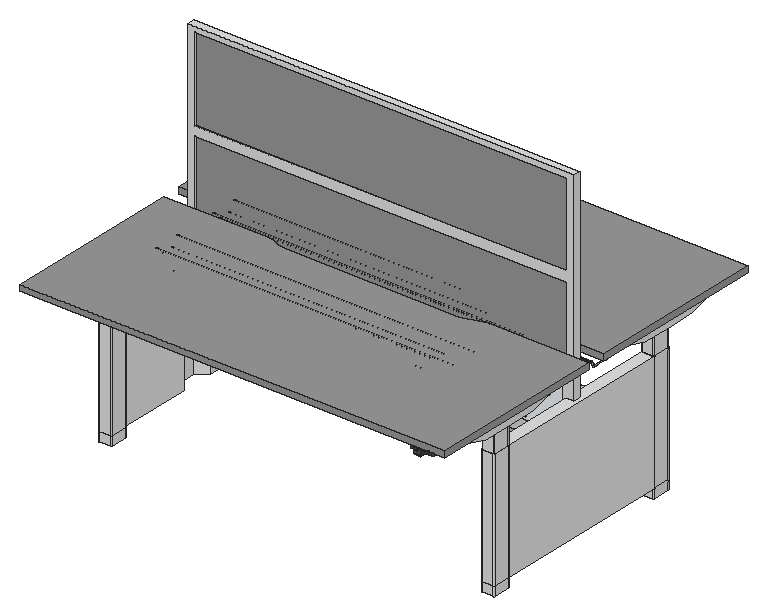
Revit family "Rise Squared Rectangular Desk A&B", category Furniture, Revit 2016 (continued)
Definition of nested family "Cable Tray"
  Automatic sketch dimensions
    Extrusion 21 sketch curve to Extrusion 21 sketch curve = 1.263 mm
    radius of Sweep 2 sketch curve = 1.5 mm
    radius of Sweep 3 sketch curve = 1.5 mm
    radius of Sweep 4 sketch curve = 1.5 mm
    radius of Sweep 5 sketch curve = 1.5 mm
    radius of Sweep 6 sketch curve = 1.5 mm
    radius of Sweep 7 sketch curve = 1.5 mm
    radius of Sweep 8 sketch curve = 1.5 mm
    radius of Sweep 9 sketch curve = 1.5 mm
    radius of Sweep 10 sketch curve = 1.5 mm
    radius of Sweep 11 sketch curve = 1.5 mm
    radius of Sweep 12 sketch curve = 1.5 mm
    radius of Sweep 13 sketch curve = 1.5 mm
    radius of Sweep 14 sketch curve = 1.5 mm
    radius of Sweep 15 sketch curve = 1.5 mm
    radius of Sweep 16 sketch curve = 1.5 mm
    radius of Sweep 17 sketch curve = 1.5 mm
    radius of Sweep 18 sketch curve = 1.5 mm
    radius of Sweep 19 sketch curve = 1.5 mm
    radius of Extrusion 1 sketch curve = 1.5 mm  (x4)
Definition of nested family "Rise Squared Leg"
  Parameters (values of type "Rise Squared Leg")
    Width = 1800 mm
    Upper Foot = none
    URL = "www.gof.co.uk"
    Type Comments = ""
    Range = "RISE SQUARED"
    Product Code = ""
    Model = ""
    Manufacturer = "Gresham Office Furniture"  # constant formula
    HeightControl [instance] = if(Height < 630 mm, 630 mm, (if(Height > 1280 mm, 1280 mm, Height)))  # 630 mm
    Height [instance] = 630 mm
    Frame = none
    Foot = none
    Assembly Code = "E2020200"
  Reference planes
    plane 1 "Center (Front/Back)": y = 200
    plane 2: z = 0
    plane 3 "Center (Left/Right)": x = 0
    plane 4: x = -900
    plane 5: x = 900
    plane 6 "Desktop": z = 630
    plane 7: y = 600
    plane 8: y = -200
    plane 9 "Foot": z = 5
    plane 10 "Desktop Underside": z = 605
    plane 11 "Max Height": z = 1280
    plane 12 "Max Desktop Underside": z = 1255
    plane 13: z = 45
  Forms (mm)
    Extrusion 1, solid, material <- "Frame"
      sketch origin (0, 0, 630) x (-1, 0, 0) y (0, -1, 0)
        loop
          line (-827.511, -240) -> (-782.511, -240)
          arc (-782.511, -240) -> (-778.976, -238.536) -> (-777.511, -235) r 5
          line (-777.511, -235) -> (-777.511, -165)
          arc (-777.511, -165) -> (-778.976, -161.464) -> (-782.511, -160) r 5
          line (-782.511, -160) -> (-827.511, -160)
          arc (-827.511, -160) -> (-831.047, -161.464) -> (-832.511, -165) r 5
          line (-832.511, -165) -> (-832.511, -235)
          arc (-832.511, -235) -> (-831.047, -238.536) -> (-827.511, -240) r 5
      from -585 to -85
    Extrusion 2, solid, material <- "Frame"
      sketch origin (0, 200, 70) x (1, 0, 0) y (0, 0, 1)
        loop
          line (842.511, 535) -> (590.86, 535) -> (590.86, 520)
          arc (590.86, 520) -> (599.647, 498.787) -> (620.86, 490) r 30
          line (620.86, 490) -> (842.511, 490) -> (842.511, 535)
      from -47.5 to 47.5
    Extrusion 3, solid, material <- "Frame"
      sketch origin (0, 200, 70) x (1, 0, 0) y (0, 0, 1)
        loop
          line (842.511, 535) -> (842.511, 525) -> (844.511, 525) -> (844.511, 533.159) -> (860.511, 533.159) -> (860.511, 482) -> (843.693, 482) -> (843.693, 485.43) -> (841.693, 485.43) -> (841.693, 480) -> (862.511, 480) -> (862.511, 535) -> (842.511, 535)
      from -275 to 275
    Extrusion 4, void
      sketch origin (870.011, 200, 1175) x (0, 0, 1) y (0, 1, 0)
        loop
          line (-625, 0) -> (-625, 125) -> (-580, 275) -> (-570, 275) -> (-570, 333.867) -> (-673.413, 333.867) -> (-673.413, 0) -> (-673.413, -333.867) -> (-570, -333.867) -> (-570, -275) -> (-580, -275) -> (-625, -125) -> (-625, 0)
      from -29.989 to 70.011
    Extrusion 5, solid, material <- "Frame"
      sketch origin (0, 0, 630) x (-1, 0, 0) y (0, -1, 0)
        loop
          line (-827.511, -238) -> (-782.511, -238)
          arc (-782.511, -238) -> (-780.39, -237.121) -> (-779.511, -235) r 3
          line (-779.511, -235) -> (-779.511, -165)
          arc (-779.511, -165) -> (-780.39, -162.879) -> (-782.511, -162) r 3
          line (-782.511, -162) -> (-827.511, -162)
          arc (-827.511, -162) -> (-829.633, -162.879) -> (-830.511, -165) r 3
          line (-830.511, -165) -> (-830.511, -235)
          arc (-830.511, -235) -> (-829.633, -237.121) -> (-827.511, -238) r 3
      from -85 to -70
    Extrusion 6, solid, material <- "Upper Foot"
      sketch origin (0, 0, 45) x (0, -1, 0) y (-1, 0, 0)
        loop
          line (-240, -782.511) -> (-240, -827.511)
          arc (-240, -827.511) -> (-238.536, -831.047) -> (-235, -832.511) r 5
          line (-235, -832.511) -> (-165, -832.511)
          arc (-165, -832.511) -> (-161.464, -831.047) -> (-160, -827.511) r 5
          line (-160, -827.511) -> (-160, -782.511)
          arc (-160, -782.511) -> (-161.464, -778.976) -> (-165, -777.511) r 5
          line (-165, -777.511) -> (-235, -777.511)
          arc (-235, -777.511) -> (-238.536, -778.976) -> (-240, -782.511) r 5
      from 0 to 40
    Extrusion 7, solid, material <- "Foot"
      sketch origin (0, 0, 0) x (1, 0, 0) y (0, 1, 0)
        loop
          circle (805.402, 199.681) r 20
      from 0 to 5
  Cuts and joins
    Extrusion 4 cuts Extrusion 3
  Dimensions and locks
    equal spacing: plane 4, plane 3 "Center (Left/Right)", plane 5
    "Width": plane 4 to plane 5
    equal spacing: plane 7, plane 1 "Center (Front/Back)", plane 8
    locked: plane 7 to plane 8 at 800
    plane 9 "Foot" to level = 5 mm  (x2)
    locked: plane 6 "Desktop" to plane 10 "Desktop Underside" at 25
    Extrusion 2 to Extrusion 2 = 95 mm
    plane 1 "Center (Front/Back)" to Extrusion 3 = 275 mm
    equal spacing: Extrusion 3, plane 1 "Center (Front/Back)", Extrusion 3
    plane 11 "Max Height" to level = 1280 mm
    locked: Extrusion 2 sketch curve to Extrusion 2 sketch curve at 45
    locked: Extrusion 4 sketch curve to Extrusion 4 sketch curve at 103.413
    "HeightControl": plane 6 "Desktop" to level
    locked: Extrusion 4 to plane 5 at 100
    locked: Extrusion 2 to plane 5 at 309.14
    locked: plane 13 to plane 9 "Foot" at 40
    locked: Extrusion 1 to plane 13 at 500
    locked: plane 11 "Max Height" to plane 12 "Max Desktop Underside" at 25
    aligned and locked: level to plane 2
    aligned and locked: Extrusion 5 to Extrusion 2
    aligned and locked: Extrusion 5 to Extrusion 1
    aligned and locked: Extrusion 4 to plane 5
    aligned and locked: Extrusion 1 to plane 13
  Automatic sketch dimensions
    plane 1 "Center (Front/Back)" to Extrusion 1 sketch curve = 35 mm
    plane 5 to Extrusion 1 sketch curve = 67.489 mm
    Extrusion 1 sketch curve to Extrusion 1 sketch curve = 5 mm  (x3)
    Extrusion 1 sketch curve to Extrusion 1 sketch curve = 45 mm  (x2)
    Extrusion 1 sketch curve to plane 1 "Center (Front/Back)" = 35 mm
    Extrusion 2 sketch curve to plane 10 "Desktop Underside" = 0 mm
    plane 3 "Center (Left/Right)" to Extrusion 2 sketch curve = 590.86 mm
    Extrusion 2 sketch curve to Extrusion 2 sketch curve = 30 mm
    plane 5 to Extrusion 2 sketch curve = 57.489 mm
    Extrusion 3 sketch curve to plane 10 "Desktop Underside" = 0 mm
    plane 5 to Extrusion 3 sketch curve = 58.307 mm
    Extrusion 3 sketch curve to plane 10 "Desktop Underside" = 10 mm
    Extrusion 3 sketch curve to Extrusion 3 sketch curve = 0.819 mm
    Extrusion 3 sketch curve to Extrusion 3 sketch curve = 2 mm  (x4)
    Extrusion 3 sketch curve to plane 10 "Desktop Underside" = 1.841 mm
    Extrusion 3 sketch curve to Extrusion 3 sketch curve = 16 mm
    Extrusion 3 sketch curve to Extrusion 3 sketch curve = 39.57 mm
    Extrusion 3 sketch curve to Extrusion 3 sketch curve = 3.43 mm
    Extrusion 4 sketch curve to plane 1 "Center (Front/Back)" = 0 mm  (x2)
    Extrusion 4 sketch curve to plane 10 "Desktop Underside" = 0 mm  (x2)
    Extrusion 4 sketch curve to plane 10 "Desktop Underside" = 55 mm
    Extrusion 4 sketch curve to plane 10 "Desktop Underside" = 10 mm  (x2)
    Extrusion 4 sketch curve to Extrusion 4 sketch curve = 125 mm
    plane 8 to Extrusion 4 sketch curve = 125 mm
    Extrusion 4 sketch curve to Extrusion 4 sketch curve = 58.867 mm
    Extrusion 4 sketch curve to plane 1 "Center (Front/Back)" = 125 mm
    Extrusion 4 sketch curve to plane 7 = 125 mm
    Extrusion 4 sketch curve to plane 7 = 66.133 mm
    plane 1 "Center (Front/Back)" to Extrusion 5 sketch curve = 35 mm
    plane 5 to Extrusion 5 sketch curve = 69.489 mm
    Extrusion 5 sketch curve to Extrusion 5 sketch curve = 3 mm  (x3)
    Extrusion 5 sketch curve to Extrusion 5 sketch curve = 45 mm  (x2)
    Extrusion 5 sketch curve to plane 1 "Center (Front/Back)" = 35 mm
    Extrusion 1 to Extrusion 6 sketch curve = 5 mm  (x3)
    Extrusion 6 sketch curve to Extrusion 1 = 0 mm  (x2)
    plane 1 "Center (Front/Back)" to Extrusion 7 sketch curve = 0.319 mm
    plane 5 to Extrusion 7 sketch curve = 94.598 mm
    radius of Extrusion 6 sketch curve to Extrusion 1 = 0 mm
    radius of Extrusion 7 sketch curve = 20 mm
Definition of nested family "Cable Trough"
  Parameters (values of type "Cable Trough")
    Width = 1800 mm
    URL = "www.gof.co.uk"
    Type Comments = ""
    Range = "RISE SQUARED"
    Product Code = ""
    Modesty Panel = ""
    Model = ""
    Manufacturer = "Gresham Office Furniture"  # constant formula
    Frame = none
    Cable Tray = ""
    Assembly Code = "E2020200"
  Reference planes
    plane 1 "Center (Front/Back)": y = 0
    plane 2: z = 0
    plane 3 "Center (Left/Right)": x = 0
    plane 4: x = -900
    plane 5: x = 900
    plane 6 "Desktop Underside": z = 702
    plane 7: y = 380
    plane 8: y = -380
    plane 9 "Foot": z = 15
    plane 10: z = 727
    plane 11: y = 460
    plane 12: y = 1220
    plane 13: x = 47.5
    plane 14: x = 585.58
    plane 15: x = 316.54
    plane 16: x = -47.5
    plane 17: x = -585.58
    plane 18: x = -316.54
    plane 19: y = 840
    plane 20: x = -511.674
    plane 21: x = -278.337
    plane 22: x = -745.011
    plane 23: x = -45
    plane 24: x = 45
    plane 25: x = 278.337
    plane 26: x = 511.674
    plane 27: x = 745.011
  Forms (mm)
    Extrusion 1, solid
      sketch origin (0, 0, 0) x (0, 1, 0) y (0, 0, 1)
        loop
          line (529.14, 380.119) -> (549.153, 454.806) -> (549.153, 495) -> (547.153, 495) -> (547.153, 455.069) -> (527.606, 382.119) -> (312.394, 382.119) -> (292.847, 455.069) -> (292.847, 495) -> (290.847, 495) -> (290.847, 454.806) -> (310.86, 380.119) -> (529.14, 380.119)
      from -790.011 to 790.011
    Extrusion 2, void
      sketch origin (0, 0, 0) x (1, 0, 0) y (0, 0, 1)
        loop
          line (795.149, 454.873) -> (735.213, 349.979) -> (817.01, 349.979) -> (817.01, 454.873) -> (795.149, 454.873)
      from -794.5 to -45.5
    Extrusion 3, void
      sketch origin (0, 0, 0) x (-1, 0, 0) y (0, 0, -1)
        loop
          line (795.149, -454.873) -> (817.01, -454.873) -> (817.01, -349.979) -> (735.213, -349.979) -> (795.149, -454.873)
      from -794.5 to -45.5
    Extrusion 4, void
      sketch origin (0, 0, 702) x (-1, 0, 0) y (0, -1, 0)
        loop
          line (-585.58, -518.86) -> (-585.58, -468.86) -> (-680.58, -468.86) -> (-680.58, -518.86) -> (-585.58, -518.86)
      from -339.353 to -303.098
    Extrusion 5, void
      sketch origin (0, 840, 702) x (-1, 0, 0) y (0, -1, 0)
        loop
          line (-585.58, 518.86) -> (-680.58, 518.86) -> (-680.58, 468.86) -> (-585.58, 468.86) -> (-585.58, 518.86)
      from -339.353 to -303.098
    Extrusion 6, void
      sketch origin (0, 840, 702) x (1, 0, 0) y (0, 1, 0)
        loop
          line (-585.58, -518.86) -> (-585.58, -468.86) -> (-680.58, -468.86) -> (-680.58, -518.86) -> (-585.58, -518.86)
      from -339.353 to -303.098
    Extrusion 7, void
      sketch origin (0, 0, 702) x (1, 0, 0) y (0, 1, 0)
        loop
          line (-585.58, 518.86) -> (-680.58, 518.86) -> (-680.58, 468.86) -> (-585.58, 468.86) -> (-585.58, 518.86)
      from -339.353 to -303.098
    Extrusion 8, void
      sketch origin (-633.08, 0, 702) x (-1, 0, 0) y (0, -1, 0)
        loop
          line (-585.58, -518.86) -> (-585.58, -468.86) -> (-680.58, -468.86) -> (-680.58, -518.86) -> (-585.58, -518.86)
      from -339.353 to -303.098
    Extrusion 9, void
      sketch origin (-633.08, 840, 702) x (-1, 0, 0) y (0, -1, 0)
        loop
          line (-585.58, 518.86) -> (-680.58, 518.86) -> (-680.58, 468.86) -> (-585.58, 468.86) -> (-585.58, 518.86)
      from -339.353 to -303.098
    Extrusion 10, void
      sketch origin (-16.54, 0, 702) x (-1, 0, 0) y (0, -1, 0)
        loop
          line (-285.58, -518.86) -> (-285.58, -468.86) -> (-380.58, -468.86) -> (-380.58, -518.86) -> (-285.58, -518.86)
      from -339.353 to -303.098
    Extrusion 11, void
      sketch origin (-349.62, 0, 702) x (-1, 0, 0) y (0, -1, 0)
        loop
          line (14.42, -518.86) -> (14.42, -468.86) -> (-80.58, -468.86) -> (-80.58, -518.86) -> (14.42, -518.86)
      from -339.353 to -303.098
    Extrusion 12, void
      sketch origin (-16.54, -147.719, 702) x (-1, 0, 0) y (0, -1, 0)
        loop
          line (-285.58, -518.86) -> (-285.58, -468.86) -> (-380.58, -468.86) -> (-380.58, -518.86) -> (-285.58, -518.86)
      from -339.353 to -303.098
    Extrusion 13, void
      sketch origin (-349.62, -147.719, 702) x (-1, 0, 0) y (0, -1, 0)
        loop
          line (14.42, -518.86) -> (14.42, -468.86) -> (-80.58, -468.86) -> (-80.58, -518.86) -> (14.42, -518.86)
      from -339.353 to -303.098
    Extrusion 14, solid
      sketch origin (0, 0, 0) x (0, 1, 0) y (0, 0, 1)
        loop
          line (549.153, 447) -> (569.153, 447) -> (569.153, 497) -> (270.847, 497) -> (270.847, 447) -> (290.847, 447) -> (290.847, 495) -> (549.153, 495) -> (549.153, 447)
      from -790.011 to 790.011
    Extrusion 15, void
      sketch origin (0, 0, 702) x (-1, 0, 0) y (0, -1, 0)
        loop
          line (790.011, -524.153) -> (790.011, -315.847) -> (745.011, -315.847) -> (745.011, -524.153) -> (790.011, -524.153)
        loop
          line (-790.011, -524.153) -> (-745.011, -524.153) -> (-745.011, -315.847) -> (-790.011, -315.847) -> (-790.011, -524.153)
        loop
          line (-45, -524.153) -> (45, -524.153) -> (45, -315.847) -> (-45, -315.847) -> (-45, -524.153)
        loop
          line (534.174, -524.153) -> (534.174, -315.847) -> (489.174, -315.847) -> (489.174, -524.153) -> (534.174, -524.153)
        loop
          line (300.837, -524.153) -> (300.837, -315.847) -> (255.837, -315.847) -> (255.837, -524.153) -> (300.837, -524.153)
        loop
          line (-534.174, -524.153) -> (-489.174, -524.153) -> (-489.174, -315.847) -> (-534.174, -315.847) -> (-534.174, -524.153)
        loop
          line (-300.837, -524.153) -> (-255.837, -524.153) -> (-255.837, -315.847) -> (-300.837, -315.847) -> (-300.837, -524.153)
      from -231.026 to -193.32
  Cuts and joins
    Extrusion 2, Extrusion 3, Extrusion 4, Extrusion 5, Extrusion 6, Extrusion 7, Extrusion 8, Extrusion 9, Extrusion 10, Extrusion 11, Extrusion 12, Extrusion 13 cuts Extrusion 1
    Extrusion 15 cuts Extrusion 14
  Dimensions and locks
    "Width": plane 4 to plane 5
    locked: plane 2 to plane 9 "Foot" at 15
    plane 10 to level = 727 mm
    plane 10 to plane 6 "Desktop Underside" = 25 mm
    locked: plane 7 to plane 8 at 760
    equal spacing: plane 7, plane 1 "Center (Front/Back)", plane 8
    locked: plane 8 to plane 12 at 1600
    locked: cut or joined group 1 (Extrusion 1, Extrusion 2, Extrusion 3, Extrusion 4, Extrusion 5, Extrusion 6, Extrusion 7, Extrusion 8, Extrusion 9, Extrusion 10, Extrusion 11, Extrusion 12, Extrusion 13) to cut or joined group 1 at 72.997  (x4)
    locked: cut or joined group 1 to plane 5 at 146.423
    locked: cut or joined group 1 to plane 5 at 109.989
    locked: plane 14 to plane 5 at 314.42
    locked: plane 15 to cut or joined group 1 at 47.5  (x2)
    equal spacing: plane 13, plane 15, plane 14
    equal spacing: plane 17, plane 18, plane 16
    locked: cut or joined group 1 to plane 18 at 47.5  (x2)
    locked: plane 4 to cut or joined group 1 at 109.989
    locked: plane 4 to plane 17 at 314.42
    plane 7 to plane 11 = 80 mm
    plane 11 to plane 12 = 760 mm
    equal spacing: plane 11, plane 19, plane 12
    equal spacing: plane 4, plane 3 "Center (Left/Right)", plane 5
    locked: plane 23 to plane 3 "Center (Left/Right)" at 45
    locked: plane 4 to plane 22 at 154.989
    equal spacing: plane 22, plane 20, plane 21, plane 23
    equal spacing: Extrusion 15 sketch curve, plane 20, Extrusion 15 sketch curve
    equal spacing: Extrusion 15 sketch curve, plane 21, Extrusion 15 sketch curve
    locked: Extrusion 14 to Extrusion 15 sketch curve at 45
    locked: Extrusion 15 sketch curve to Extrusion 15 sketch curve at 90
    locked: plane 4 to Extrusion 15 sketch curve at 109.989
    locked: plane 3 "Center (Left/Right)" to plane 24 at 45
    locked: plane 27 to plane 5 at 154.989
    equal spacing: plane 24, plane 25, plane 26, plane 27
    locked: plane 4 to cut or joined group 1 at 146.423
    locked: Extrusion 15 sketch curve to Extrusion 14 at 45
    equal spacing: Extrusion 15 sketch curve, plane 26, Extrusion 15 sketch curve
    equal spacing: Extrusion 15 sketch curve, plane 25, Extrusion 15 sketch curve
    locked: Extrusion 15 sketch curve to plane 5 at 109.989
    aligned and locked: level to plane 2
    aligned and locked: Extrusion 4 to Extrusion 10
    aligned and locked: cut or joined group 1 to Extrusion 14
    aligned and locked: Extrusion 14 to cut or joined group 1
  Automatic sketch dimensions
    Extrusion 1 sketch curve to plane 7 = 89.153 mm
    Extrusion 1 sketch curve to Extrusion 1 sketch curve = 2 mm  (x3)
    Extrusion 1 sketch curve to plane 7 = 69.14 mm
    Extrusion 1 sketch curve to Extrusion 1 sketch curve = 1.535 mm  (x2)
    Extrusion 1 sketch curve to plane 11 = 67.606 mm
    Extrusion 1 sketch curve to plane 11 = 87.153 mm
    Extrusion 1 sketch curve to plane 6 "Desktop Underside" = 321.881 mm
    Extrusion 1 sketch curve to Extrusion 1 sketch curve = 72.687 mm  (x2)
    Extrusion 1 sketch curve to Extrusion 1 sketch curve = 0.263 mm  (x2)
    Extrusion 1 sketch curve to Extrusion 1 sketch curve = 39.931 mm  (x2)
    Extrusion 2 sketch curve to plane 14 = 149.633 mm
    plane 5 to Extrusion 2 sketch curve = 104.851 mm
    Extrusion 2 sketch curve to Extrusion 2 sketch curve = 21.861 mm
    plane 9 "Foot" to Extrusion 2 sketch curve = 334.979 mm
    Extrusion 2 sketch curve to Extrusion 2 sketch curve = 104.894 mm
    Extrusion 3 sketch curve to plane 17 = 149.633 mm
    Extrusion 3 sketch curve to plane 4 = 104.851 mm
    Extrusion 3 sketch curve to Extrusion 3 sketch curve = 21.861 mm
    Extrusion 3 sketch curve to plane 9 "Foot" = 334.979 mm
    Extrusion 3 sketch curve to Extrusion 3 sketch curve = 104.894 mm
    Extrusion 4 sketch curve to plane 14 = 0 mm
    Extrusion 4 sketch curve to plane 11 = 8.86 mm
    Extrusion 4 sketch curve to Extrusion 4 sketch curve = 95 mm
    Extrusion 4 sketch curve to Extrusion 4 sketch curve = 50 mm
    Extrusion 5 sketch curve to plane 14 = 0 mm
    plane 7 to Extrusion 5 sketch curve = 8.86 mm
    Extrusion 5 sketch curve to Extrusion 5 sketch curve = 95 mm
    Extrusion 5 sketch curve to Extrusion 5 sketch curve = 50 mm
    Extrusion 6 sketch curve to plane 17 = 0 mm
    Extrusion 6 sketch curve to plane 7 = 8.86 mm
    Extrusion 6 sketch curve to Extrusion 6 sketch curve = 95 mm
    Extrusion 6 sketch curve to Extrusion 6 sketch curve = 50 mm
    Extrusion 7 sketch curve to plane 17 = 0 mm
    plane 11 to Extrusion 7 sketch curve = 8.86 mm
    Extrusion 7 sketch curve to Extrusion 7 sketch curve = 95 mm
    Extrusion 7 sketch curve to Extrusion 7 sketch curve = 50 mm
    Extrusion 8 sketch curve to plane 13 = 0 mm
    Extrusion 8 sketch curve to plane 16 = 0 mm
    Extrusion 8 sketch curve to plane 11 = 58.86 mm
    Extrusion 8 sketch curve to plane 11 = 8.86 mm
    Extrusion 9 sketch curve to plane 13 = 0 mm
    Extrusion 9 sketch curve to plane 16 = 0 mm
    plane 7 to Extrusion 9 sketch curve = 58.86 mm
    plane 7 to Extrusion 9 sketch curve = 8.86 mm
    Extrusion 10 sketch curve to plane 15 = 47.5 mm
    Extrusion 10 sketch curve to plane 11 = 8.86 mm
    plane 15 to Extrusion 10 sketch curve = 47.5 mm
    Extrusion 10 sketch curve to Extrusion 10 sketch curve = 50 mm
    Extrusion 11 sketch curve to plane 18 = 47.5 mm
    Extrusion 11 sketch curve to plane 11 = 8.86 mm
    plane 18 to Extrusion 11 sketch curve = 47.5 mm
    Extrusion 11 sketch curve to Extrusion 11 sketch curve = 50 mm
    Extrusion 12 sketch curve to plane 7 = 8.86 mm
    Extrusion 12 sketch curve to plane 15 = 47.5 mm
    plane 15 to Extrusion 12 sketch curve = 47.5 mm
    Extrusion 12 sketch curve to Extrusion 12 sketch curve = 50 mm
    Extrusion 13 sketch curve to plane 7 = 8.86 mm
    Extrusion 13 sketch curve to plane 18 = 47.5 mm
    plane 18 to Extrusion 13 sketch curve = 47.5 mm
    Extrusion 13 sketch curve to Extrusion 13 sketch curve = 50 mm
    Extrusion 14 sketch curve to Extrusion 14 sketch curve = 20 mm  (x2)
    Extrusion 14 sketch curve to plane 6 "Desktop Underside" = 255 mm  (x2)
    Extrusion 14 sketch curve to Extrusion 14 sketch curve = 2 mm
    Extrusion 14 sketch curve to Extrusion 14 sketch curve = 48 mm
    Extrusion 14 sketch curve to plane 11 = 89.153 mm
    Extrusion 14 sketch curve to plane 7 = 89.153 mm
    Extrusion 15 sketch curve to plane 24 = 0 mm
    plane 21 to Extrusion 15 sketch curve = 22.5 mm
    Extrusion 15 sketch curve to plane 20 = 22.5 mm
    Extrusion 15 sketch curve to plane 11 = 64.153 mm  (x7)
    Extrusion 15 sketch curve to plane 7 = 64.153 mm  (x7)
    Extrusion 15 sketch curve to plane 26 = 22.5 mm
    plane 15 to Extrusion 15 sketch curve = 15.703 mm
Definition of nested family "Endframe Infill Panel"
  Parameters (values of type "Endframe Infill Panel")
    Width = 1800 mm
    URL = "www.gof.co.uk"
    Type Comments = ""
    Range = "RISE SQUARED"
    Product Code = ""
    Endframe Infill Panel Visible [instance] = yes
    Endframe Infill Panel = ""
    Model = ""
    Manufacturer = "Gresham Office Furniture"  # constant formula
    Frame = none
    Cable Tray = ""
    Assembly Code = "E2020200"
  Reference planes
    plane 1 "Center (Front/Back)": y = 0
    plane 2: z = 0
    plane 3 "Center (Left/Right)": x = 0
    plane 4: x = -900
    plane 5: x = 900
    plane 6 "Desktop Underside": z = 702
    plane 7: y = 380
    plane 8: y = -380
    plane 9 "Foot": z = 15
    plane 10: z = 727
    plane 11: y = 460
    plane 12: y = 1220
  Forms (mm)
    Extrusion 1, solid, material <- "Frame", visible <- "Endframe Infill Panel Visible"
      sketch origin (0, 0, 702) x (-1, 0, 0) y (0, -1, 0)
        loop
          line (-837.924, -799.735) -> (-787.924, -799.735) -> (-787.924, -39.735) -> (-837.924, -39.735) -> (-837.924, -799.735)
      from -657 to -157
    Extrusion 2, void
      sketch origin (0, 0, 0) x (0, 1, 0) y (0, 0, 1)
        loop
          line (594.735, 495) -> (244.735, 495) -> (244.735, 445) -> (264.146, 372.556) -> (575.323, 372.556) -> (594.735, 445) -> (594.735, 495)
      from 787.924 to 830.011
    Extrusion 3, void
      sketch origin (0, 0, 702) x (-1, 0, 0) y (0, -1, 0)
        loop
          line (-787.924, -491.928) -> (-787.924, -347.542) -> (-830.011, -389.629) -> (-830.011, -449.84) -> (-787.924, -491.928)
      from -657 to -329.444
  Cuts and joins
    Extrusion 2, Extrusion 3 cuts Extrusion 1
  Dimensions and locks
    equal spacing: plane 4, plane 3 "Center (Left/Right)", plane 5
    "Width": plane 4 to plane 5
    locked: plane 2 to plane 9 "Foot" at 15
    plane 10 to level = 727 mm
    plane 10 to plane 6 "Desktop Underside" = 25 mm
    locked: plane 7 to plane 8 at 760
    equal spacing: plane 7, plane 1 "Center (Front/Back)", plane 8
    plane 8 to plane 12 = 1600 mm
    aligned and locked: level to plane 2
  Automatic sketch dimensions
    Extrusion 1 sketch curve to Extrusion 1 sketch curve = 50 mm
    Extrusion 1 sketch curve to plane 11 = 339.735 mm
    Extrusion 1 sketch curve to plane 1 "Center (Front/Back)" = 39.735 mm
    Extrusion 2 sketch curve to plane 7 = 135.265 mm
    Extrusion 2 sketch curve to Extrusion 2 sketch curve = 19.411 mm  (x2)
    Extrusion 2 sketch curve to plane 11 = 115.323 mm
    Extrusion 2 sketch curve to plane 6 "Desktop Underside" = 329.444 mm
    Extrusion 2 sketch curve to Extrusion 2 sketch curve = 72.444 mm  (x2)
    Extrusion 2 sketch curve to Extrusion 2 sketch curve = 50 mm
    Extrusion 3 sketch curve to plane 11 = 31.928 mm
    plane 11 to Extrusion 3 sketch curve = 10.16 mm
    plane 7 to Extrusion 3 sketch curve = 9.629 mm
    Extrusion 3 sketch curve to plane 7 = 32.458 mm
    plane 5 to Extrusion 1 sketch curve = 62.076 mm
    plane 5 to Extrusion 3 sketch curve = 69.989 mm
    Extrusion 3 sketch curve to Extrusion 3 sketch curve = 42.088 mm
  Nested families
    nested 1: "Cable Tray" at (0, -20, 0), type "Cable Tray"
      with HeightControl 727 mm, Height 727 mm, Cable Tray no
  Definition of nested family "Cable Tray"
    Parameters (values of type "Cable Tray")
      Width = 1800 mm
      URL = "www.gof.co.uk"
      Type Comments = ""
      Range = "RISE LT"
      Product Code = ""
      Modesty Panel = none
      HeightControl [instance] = if(Height < 720 mm, 720 mm, (if(Height > 1200 mm, 1200 mm, Height)))  # 727 mm
      Height [instance] = 727 mm
      Desktop = none
      Model = ""
      Manufacturer = "Gresham Office Furniture"  # constant formula
      Frame = none
      Foot = none
      Cable Tray Clips = none
      Cable Tray = yes
      Assembly Code = "E2020200"
    Reference planes
      plane 1 "Center (Front/Back)": y = 0
      plane 2: z = 0
      plane 3 "Center (Left/Right)": x = 0
      plane 4: x = -900
      plane 5: x = 900
      plane 6 "Desktop Underside": z = 702
      plane 7: y = 400
      plane 8: y = -400
      plane 9 "Foot": z = 15
      plane 10: z = 727
      plane 11 "Cable Tray Left": x = -800
      plane 12 "Cable Tray Right": x = 800
    Forms (mm)
      Extrusion 1, solid, material <- "Frame", visible <- "Cable Tray"
        sketch origin (0, 12.089, -4.885) x (0, 1, 0) y (0, 0, 1)
          loop
            circle (301.911, 615.385) r 1.5
          loop
            circle (251.911, 615.385) r 1.5
          loop
            circle (220.911, 645.385) r 1.5
          loop
            circle (332.911, 645.385) r 1.5
        from -800 to 800
      Sweep 2, solid, material <- "Frame", visible <- "Cable Tray"
        path in 3D
          loop
            line (0, 341.76, 640.5) -> (0, 333.661, 615.573)
            arc (0, 333.661, 615.573) -> (0, 332.571, 614.073) -> (0, 330.808, 613.5) r 3
            line (0, 330.808, 613.5) -> (0, 247.192, 613.5)
            arc (0, 247.192, 613.5) -> (0, 245.429, 614.073) -> (0, 244.339, 615.573) r 3
            line (0, 244.339, 615.573) -> (0, 236.24, 640.5)
        profile origin (0, 289, 613.5) x (0, 0, 1) y (-1, 0, 0)
          loop
            circle (0, 0) r 1.5
      Sweep 3, solid, material <- "Frame", visible <- "Cable Tray", not visible
        path in 3D
          loop
            line (0, 329.671, 645.385) -> (0, 321.572, 620.458)
            arc (0, 321.572, 620.458) -> (0, 320.482, 618.958) -> (0, 318.719, 618.385) r 3
            line (0, 318.719, 618.385) -> (0, 235.103, 618.385)
            arc (0, 235.103, 618.385) -> (0, 233.34, 618.958) -> (0, 232.25, 620.458) r 3
            line (0, 232.25, 620.458) -> (0, 224.151, 645.385)
        profile origin (0, 276.911, 618.385) x (0, 0, 1) y (-1, 0, 0)
          loop
            circle (0, 0) r 1.5
      Sweep 4, solid, material <- "Frame", visible <- "Cable Tray"
        path in 3D
          loop
            line (800, 342.073, 640.5) -> (800, 333.974, 615.573)
            arc (800, 333.974, 615.573) -> (800, 332.884, 614.073) -> (800, 331.121, 613.5) r 3
            line (800, 331.121, 613.5) -> (800, 247.505, 613.5)
            arc (800, 247.505, 613.5) -> (800, 245.742, 614.073) -> (800, 244.652, 615.573) r 3
            line (800, 244.652, 615.573) -> (800, 236.553, 640.5)
        profile origin (800, 289.313, 613.5) x (0, 0, 1) y (-1, 0, 0)
          loop
            circle (0, 0) r 1.5
      Sweep 5, solid, material <- "Frame", visible <- "Cable Tray"
        path in 3D
          loop
            line (-800, 342.073, 640.5) -> (-800, 333.974, 615.573)
            arc (-800, 333.974, 615.573) -> (-800, 332.884, 614.073) -> (-800, 331.121, 613.5) r 3
            line (-800, 331.121, 613.5) -> (-800, 247.505, 613.5)
            arc (-800, 247.505, 613.5) -> (-800, 245.742, 614.073) -> (-800, 244.652, 615.573) r 3
            line (-800, 244.652, 615.573) -> (-800, 236.553, 640.5)
        profile origin (-800, 289.313, 613.5) x (0, 0, 1) y (-1, 0, 0)
          loop
            circle (0, 0) r 1.5
      Sweep 6, solid, material <- "Frame", visible <- "Cable Tray"
        path in 3D
          loop
            line (100, 341.76, 640.5) -> (100, 333.661, 615.573)
            arc (100, 333.661, 615.573) -> (100, 332.571, 614.073) -> (100, 330.808, 613.5) r 3
            line (100, 330.808, 613.5) -> (100, 247.192, 613.5)
            arc (100, 247.192, 613.5) -> (100, 245.429, 614.073) -> (100, 244.339, 615.573) r 3
            line (100, 244.339, 615.573) -> (100, 236.24, 640.5)
        profile origin (100, 289, 613.5) x (0, 0, 1) y (-1, 0, 0)
          loop
            circle (0, 0) r 1.5
      Sweep 7, solid, material <- "Frame", visible <- "Cable Tray"
        path in 3D
          loop
            line (300, 341.76, 640.5) -> (300, 333.661, 615.573)
            arc (300, 333.661, 615.573) -> (300, 332.571, 614.073) -> (300, 330.808, 613.5) r 3
            line (300, 330.808, 613.5) -> (300, 247.192, 613.5)
            arc (300, 247.192, 613.5) -> (300, 245.429, 614.073) -> (300, 244.339, 615.573) r 3
            line (300, 244.339, 615.573) -> (300, 236.24, 640.5)
        profile origin (300, 289, 613.5) x (0, 0, 1) y (-1, 0, 0)
          loop
            circle (0, 0) r 1.5
      Sweep 8, solid, material <- "Frame", visible <- "Cable Tray"
        path in 3D
          loop
            line (400, 341.76, 640.5) -> (400, 333.661, 615.573)
            arc (400, 333.661, 615.573) -> (400, 332.571, 614.073) -> (400, 330.808, 613.5) r 3
            line (400, 330.808, 613.5) -> (400, 247.192, 613.5)
            arc (400, 247.192, 613.5) -> (400, 245.429, 614.073) -> (400, 244.339, 615.573) r 3
            line (400, 244.339, 615.573) -> (400, 236.24, 640.5)
        profile origin (400, 289, 613.5) x (0, 0, 1) y (-1, 0, 0)
          loop
            circle (0, 0) r 1.5
      Sweep 9, solid, material <- "Frame", visible <- "Cable Tray"
        path in 3D
          loop
            line (500, 341.76, 640.5) -> (500, 333.661, 615.573)
            arc (500, 333.661, 615.573) -> (500, 332.571, 614.073) -> (500, 330.808, 613.5) r 3
            line (500, 330.808, 613.5) -> (500, 247.192, 613.5)
            arc (500, 247.192, 613.5) -> (500, 245.429, 614.073) -> (500, 244.339, 615.573) r 3
            line (500, 244.339, 615.573) -> (500, 236.24, 640.5)
        profile origin (500, 289, 613.5) x (0, 0, 1) y (-1, 0, 0)
          loop
            circle (0, 0) r 1.5
      Sweep 10, solid, material <- "Frame", visible <- "Cable Tray"
        path in 3D
          loop
            line (600, 341.76, 640.5) -> (600, 333.661, 615.573)
            arc (600, 333.661, 615.573) -> (600, 332.571, 614.073) -> (600, 330.808, 613.5) r 3
            line (600, 330.808, 613.5) -> (600, 247.192, 613.5)
            arc (600, 247.192, 613.5) -> (600, 245.429, 614.073) -> (600, 244.339, 615.573) r 3
            line (600, 244.339, 615.573) -> (600, 236.24, 640.5)
        profile origin (600, 289, 613.5) x (0, 0, 1) y (-1, 0, 0)
          loop
            circle (0, 0) r 1.5
      Sweep 11, solid, material <- "Frame", visible <- "Cable Tray"
        path in 3D
          loop
            line (700, 341.76, 640.5) -> (700, 333.661, 615.573)
            arc (700, 333.661, 615.573) -> (700, 332.571, 614.073) -> (700, 330.808, 613.5) r 3
            line (700, 330.808, 613.5) -> (700, 247.192, 613.5)
            arc (700, 247.192, 613.5) -> (700, 245.429, 614.073) -> (700, 244.339, 615.573) r 3
            line (700, 244.339, 615.573) -> (700, 236.24, 640.5)
        profile origin (700, 289, 613.5) x (0, 0, 1) y (-1, 0, 0)
          loop
            circle (0, 0) r 1.5
      Sweep 12, solid, material <- "Frame", visible <- "Cable Tray"
        path in 3D
          loop
            line (200, 341.76, 640.5) -> (200, 333.661, 615.573)
            arc (200, 333.661, 615.573) -> (200, 332.571, 614.073) -> (200, 330.808, 613.5) r 3
            line (200, 330.808, 613.5) -> (200, 247.192, 613.5)
            arc (200, 247.192, 613.5) -> (200, 245.429, 614.073) -> (200, 244.339, 615.573) r 3
            line (200, 244.339, 615.573) -> (200, 236.24, 640.5)
        profile origin (200, 289, 613.5) x (0, 0, 1) y (-1, 0, 0)
          loop
            circle (0, 0) r 1.5
      Sweep 13, solid, material <- "Frame", visible <- "Cable Tray"
        path in 3D
          loop
            line (-100, 341.76, 640.5) -> (-100, 333.661, 615.573)
            arc (-100, 333.661, 615.573) -> (-100, 332.571, 614.073) -> (-100, 330.808, 613.5) r 3
            line (-100, 330.808, 613.5) -> (-100, 247.192, 613.5)
            arc (-100, 247.192, 613.5) -> (-100, 245.429, 614.073) -> (-100, 244.339, 615.573) r 3
            line (-100, 244.339, 615.573) -> (-100, 236.24, 640.5)
        profile origin (-100, 289, 613.5) x (0, 0, 1) y (-1, 0, 0)
          loop
            circle (0, 0) r 1.5
      Sweep 14, solid, material <- "Frame", visible <- "Cable Tray"
        path in 3D
          loop
            line (-300, 341.76, 640.5) -> (-300, 333.661, 615.573)
            arc (-300, 333.661, 615.573) -> (-300, 332.571, 614.073) -> (-300, 330.808, 613.5) r 3
            line (-300, 330.808, 613.5) -> (-300, 247.192, 613.5)
            arc (-300, 247.192, 613.5) -> (-300, 245.429, 614.073) -> (-300, 244.339, 615.573) r 3
            line (-300, 244.339, 615.573) -> (-300, 236.24, 640.5)
        profile origin (-300, 289, 613.5) x (0, 0, 1) y (-1, 0, 0)
          loop
            circle (0, 0) r 1.5
      Sweep 15, solid, material <- "Frame", visible <- "Cable Tray"
        path in 3D
          loop
            line (-400, 341.76, 640.5) -> (-400, 333.661, 615.573)
            arc (-400, 333.661, 615.573) -> (-400, 332.571, 614.073) -> (-400, 330.808, 613.5) r 3
            line (-400, 330.808, 613.5) -> (-400, 247.192, 613.5)
            arc (-400, 247.192, 613.5) -> (-400, 245.429, 614.073) -> (-400, 244.339, 615.573) r 3
            line (-400, 244.339, 615.573) -> (-400, 236.24, 640.5)
        profile origin (-400, 289, 613.5) x (0, 0, 1) y (-1, 0, 0)
          loop
            circle (0, 0) r 1.5
      Sweep 16, solid, material <- "Frame", visible <- "Cable Tray"
        path in 3D
          loop
            line (-500, 341.76, 640.5) -> (-500, 333.661, 615.573)
            arc (-500, 333.661, 615.573) -> (-500, 332.571, 614.073) -> (-500, 330.808, 613.5) r 3
            line (-500, 330.808, 613.5) -> (-500, 247.192, 613.5)
            arc (-500, 247.192, 613.5) -> (-500, 245.429, 614.073) -> (-500, 244.339, 615.573) r 3
            line (-500, 244.339, 615.573) -> (-500, 236.24, 640.5)
        profile origin (-500, 289, 613.5) x (0, 0, 1) y (-1, 0, 0)
          loop
            circle (0, 0) r 1.5
      Sweep 17, solid, material <- "Frame", visible <- "Cable Tray"
        path in 3D
          loop
            line (-600, 341.76, 640.5) -> (-600, 333.661, 615.573)
            arc (-600, 333.661, 615.573) -> (-600, 332.571, 614.073) -> (-600, 330.808, 613.5) r 3
            line (-600, 330.808, 613.5) -> (-600, 247.192, 613.5)
            arc (-600, 247.192, 613.5) -> (-600, 245.429, 614.073) -> (-600, 244.339, 615.573) r 3
            line (-600, 244.339, 615.573) -> (-600, 236.24, 640.5)
        profile origin (-600, 289, 613.5) x (0, 0, 1) y (-1, 0, 0)
          loop
            circle (0, 0) r 1.5
      Sweep 18, solid, material <- "Frame", visible <- "Cable Tray"
        path in 3D
          loop
            line (-700, 341.76, 640.5) -> (-700, 333.661, 615.573)
            arc (-700, 333.661, 615.573) -> (-700, 332.571, 614.073) -> (-700, 330.808, 613.5) r 3
            line (-700, 330.808, 613.5) -> (-700, 247.192, 613.5)
            arc (-700, 247.192, 613.5) -> (-700, 245.429, 614.073) -> (-700, 244.339, 615.573) r 3
            line (-700, 244.339, 615.573) -> (-700, 236.24, 640.5)
        profile origin (-700, 289, 613.5) x (0, 0, 1) y (-1, 0, 0)
          loop
            circle (0, 0) r 1.5
      Sweep 19, solid, material <- "Frame", visible <- "Cable Tray"
        path in 3D
          loop
            line (-200, 341.76, 640.5) -> (-200, 333.661, 615.573)
            arc (-200, 333.661, 615.573) -> (-200, 332.571, 614.073) -> (-200, 330.808, 613.5) r 3
            line (-200, 330.808, 613.5) -> (-200, 247.192, 613.5)
            arc (-200, 247.192, 613.5) -> (-200, 245.429, 614.073) -> (-200, 244.339, 615.573) r 3
            line (-200, 244.339, 615.573) -> (-200, 236.24, 640.5)
        profile origin (-200, 289, 613.5) x (0, 0, 1) y (-1, 0, 0)
          loop
            circle (0, 0) r 1.5
      Extrusion 20, solid, material <- "Cable Tray Clips", visible <- "Cable Tray"
        sketch origin (615, 0, 0) x (0, 1, 0) y (0, 0, 1)
          loop
            arc (346.5, 640.5) -> (345, 639) -> (343.5, 640.5) r 1.5
            line (343.5, 640.5) -> (343.5, 645.926) -> (340.5, 645.926) -> (340.5, 640.5)
            arc (340.5, 640.5) -> (345, 636) -> (349.5, 640.5) r 4.5
            line (349.5, 640.5) -> (349.5, 677.5)
            arc (349.5, 677.5) -> (348.692, 680.415) -> (346.5, 682.5) r 5.667
            arc (346.5, 682.5) -> (322.774, 690.464) -> (297.984, 693.899) r 134.615
            line (297.984, 693.899) -> (297.984, 697) -> (303.984, 697) -> (303.984, 702) -> (279.984, 702) -> (279.984, 697) -> (285.984, 697) -> (285.984, 693.899)
            arc (285.984, 693.899) -> (261.193, 690.464) -> (237.467, 682.5) r 134.615
            arc (237.467, 682.5) -> (235.275, 680.415) -> (234.435, 677.5) r 5.667
            line (234.435, 677.5) -> (234.435, 670.5)
            arc (234.435, 670.5) -> (232.935, 669) -> (231.435, 670.5) r 1.5
            line (231.435, 670.5) -> (231.435, 675.5) -> (228.435, 675.5) -> (228.435, 670.5)
            arc (228.435, 670.5) -> (230.365, 666.806) -> (234.5, 666.281) r 4.5
            line (234.5, 666.281) -> (234.5, 640.5)
            arc (234.5, 640.5) -> (233, 639) -> (231.5, 640.5) r 1.5
            line (231.5, 640.5) -> (231.5, 645.5) -> (228.5, 645.5) -> (228.5, 640.5)
            arc (228.5, 640.5) -> (233, 636) -> (237.5, 640.5) r 4.5
            line (237.5, 640.5) -> (237.5, 677.793)
            arc (237.5, 677.793) -> (237.882, 679.174) -> (238.92, 680.161) r 2.683
            arc (238.92, 680.161) -> (291.984, 691.033) -> (345.047, 680.161) r 134.926
            arc (345.047, 680.161) -> (346.085, 679.174) -> (346.467, 677.793) r 2.683
            line (346.467, 677.793) -> (346.467, 670.5)
            arc (346.467, 670.5) -> (344.951, 668.984) -> (343.435, 670.5) r 1.516
            line (343.435, 670.5) -> (343.435, 675.5) -> (340.435, 675.5) -> (340.435, 670.5)
            arc (340.435, 670.5) -> (342.365, 666.806) -> (346.5, 666.281) r 4.5
            line (346.5, 666.281) -> (346.5, 640.5)
        from 0 to 25
      Extrusion 21, solid, material <- "Cable Tray Clips", visible <- "Cable Tray"
        sketch origin (-615, 0, 0) x (0, 1, 0) y (0, 0, -1)
          loop
            line (346.5, -640.5) -> (346.5, -666.281)
            arc (346.5, -666.281) -> (342.365, -666.806) -> (340.435, -670.5) r 4.5
            line (340.435, -670.5) -> (340.435, -675.5) -> (343.435, -675.5) -> (343.435, -670.5)
            arc (343.435, -670.5) -> (344.951, -668.984) -> (346.467, -670.5) r 1.516
            line (346.467, -670.5) -> (346.467, -677.793)
            arc (346.467, -677.793) -> (346.085, -679.174) -> (345.047, -680.161) r 2.683
            arc (345.047, -680.161) -> (291.984, -691.033) -> (238.92, -680.161) r 134.926
            arc (238.92, -680.161) -> (237.882, -679.174) -> (237.5, -677.793) r 2.683
            line (237.5, -677.793) -> (237.5, -640.5)
            arc (237.5, -640.5) -> (233, -636) -> (228.5, -640.5) r 4.5
            line (228.5, -640.5) -> (228.5, -645.5) -> (231.5, -645.5) -> (231.5, -640.5)
            arc (231.5, -640.5) -> (233, -639) -> (234.5, -640.5) r 1.5
            line (234.5, -640.5) -> (234.5, -666.281)
            arc (234.5, -666.281) -> (230.365, -666.806) -> (228.435, -670.5) r 4.5
            line (228.435, -670.5) -> (228.435, -675.5) -> (231.435, -675.5) -> (231.435, -670.5)
            arc (231.435, -670.5) -> (232.935, -669) -> (234.435, -670.5) r 1.5
            line (234.435, -670.5) -> (234.435, -677.5)
            arc (234.435, -677.5) -> (235.275, -680.415) -> (237.467, -682.5) r 5.667
            arc (237.467, -682.5) -> (261.193, -690.464) -> (285.984, -693.899) r 134.615
            line (285.984, -693.899) -> (285.984, -697) -> (279.984, -697) -> (279.984, -702) -> (303.984, -702) -> (303.984, -697) -> (297.984, -697) -> (297.984, -693.899)
            arc (297.984, -693.899) -> (322.774, -690.464) -> (346.5, -682.5) r 134.615
            arc (346.5, -682.5) -> (348.692, -680.415) -> (349.5, -677.5) r 5.667
            line (349.5, -677.5) -> (349.5, -640.5)
            arc (349.5, -640.5) -> (345, -636) -> (340.5, -640.5) r 4.5
            line (340.5, -640.5) -> (340.5, -645.926) -> (343.5, -645.926) -> (343.5, -640.5)
            arc (343.5, -640.5) -> (345, -639) -> (346.5, -640.5) r 1.5
        from 0 to 25
    Lines and regions (mm)
      model lines, not visible
        curve 1: arc (0, 315.5, 610.5) -> (0, 314, 612) -> (0, 312.5, 610.5) r 1.5
        curve 2: arc (0, 265.5, 610.5) -> (0, 264, 612) -> (0, 262.5, 610.5) r 1.5
        curve 3: line (0, 330.808, 613.5) -> (0, 247.192, 613.5)
        curve 4: line (0, 244.339, 615.573) -> (0, 236.24, 640.5)
        curve 5: arc (0, 247.192, 613.5) -> (0, 245.429, 614.073) -> (0, 244.339, 615.573) r 3
        curve 6: line (0, 333.661, 615.573) -> (0, 341.76, 640.5)
        curve 7: arc (0, 330.808, 613.5) -> (0, 332.571, 614.073) -> (0, 333.661, 615.573) r 3
        curve 13: arc (0, 303.411, 615.385) -> (0, 301.911, 616.885) -> (0, 300.411, 615.385) r 1.5
        curve 14: arc (0, 253.411, 615.385) -> (0, 251.911, 616.885) -> (0, 250.411, 615.385) r 1.5
        curve 15: line (0, 318.719, 618.385) -> (0, 235.103, 618.385)
        curve 16: line (0, 232.25, 620.458) -> (0, 224.151, 645.385)
        curve 17: arc (0, 235.103, 618.385) -> (0, 233.34, 618.958) -> (0, 232.25, 620.458) r 3
        curve 18: line (0, 321.572, 620.458) -> (0, 329.671, 645.385)
        curve 19: arc (0, 318.719, 618.385) -> (0, 320.482, 618.958) -> (0, 321.572, 620.458) r 3
        curve 25: arc (800, 315.813, 610.5) -> (800, 314.313, 612) -> (800, 312.813, 610.5) r 1.5
        curve 26: arc (800, 265.813, 610.5) -> (800, 264.313, 612) -> (800, 262.813, 610.5) r 1.5
        curve 27: line (800, 331.121, 613.5) -> (800, 247.505, 613.5)
        curve 28: line (800, 244.652, 615.573) -> (800, 236.553, 640.5)
        curve 29: arc (800, 247.505, 613.5) -> (800, 245.742, 614.073) -> (800, 244.652, 615.573) r 3
        curve 30: line (800, 333.974, 615.573) -> (800, 342.073, 640.5)
        curve 31: arc (800, 331.121, 613.5) -> (800, 332.884, 614.073) -> (800, 333.974, 615.573) r 3
        curve 37: arc (-800, 315.813, 610.5) -> (-800, 314.313, 612) -> (-800, 312.813, 610.5) r 1.5
        curve 38: arc (-800, 265.813, 610.5) -> (-800, 264.313, 612) -> (-800, 262.813, 610.5) r 1.5
        curve 39: line (-800, 331.121, 613.5) -> (-800, 247.505, 613.5)
        curve 40: line (-800, 244.652, 615.573) -> (-800, 236.553, 640.5)
        curve 41: arc (-800, 247.505, 613.5) -> (-800, 245.742, 614.073) -> (-800, 244.652, 615.573) r 3
        curve 42: line (-800, 333.974, 615.573) -> (-800, 342.073, 640.5)
        curve 43: arc (-800, 331.121, 613.5) -> (-800, 332.884, 614.073) -> (-800, 333.974, 615.573) r 3
        curve 49: arc (100, 315.5, 610.5) -> (100, 314, 612) -> (100, 312.5, 610.5) r 1.5
        curve 50: arc (100, 265.5, 610.5) -> (100, 264, 612) -> (100, 262.5, 610.5) r 1.5
        curve 51: line (100, 330.808, 613.5) -> (100, 247.192, 613.5)
        curve 52: line (100, 244.339, 615.573) -> (100, 236.24, 640.5)
        curve 53: arc (100, 247.192, 613.5) -> (100, 245.429, 614.073) -> (100, 244.339, 615.573) r 3
        curve 54: line (100, 333.661, 615.573) -> (100, 341.76, 640.5)
        curve 55: arc (100, 330.808, 613.5) -> (100, 332.571, 614.073) -> (100, 333.661, 615.573) r 3
        curve 61: arc (300, 315.5, 610.5) -> (300, 314, 612) -> (300, 312.5, 610.5) r 1.5
        curve 62: arc (300, 265.5, 610.5) -> (300, 264, 612) -> (300, 262.5, 610.5) r 1.5
        curve 63: line (300, 330.808, 613.5) -> (300, 247.192, 613.5)
        curve 64: line (300, 244.339, 615.573) -> (300, 236.24, 640.5)
        curve 65: arc (300, 247.192, 613.5) -> (300, 245.429, 614.073) -> (300, 244.339, 615.573) r 3
        curve 66: line (300, 333.661, 615.573) -> (300, 341.76, 640.5)
        curve 67: arc (300, 330.808, 613.5) -> (300, 332.571, 614.073) -> (300, 333.661, 615.573) r 3
        curve 73: arc (400, 315.5, 610.5) -> (400, 314, 612) -> (400, 312.5, 610.5) r 1.5
        curve 74: arc (400, 265.5, 610.5) -> (400, 264, 612) -> (400, 262.5, 610.5) r 1.5
        curve 75: line (400, 330.808, 613.5) -> (400, 247.192, 613.5)
        curve 76: line (400, 244.339, 615.573) -> (400, 236.24, 640.5)
        curve 77: arc (400, 247.192, 613.5) -> (400, 245.429, 614.073) -> (400, 244.339, 615.573) r 3
        curve 78: line (400, 333.661, 615.573) -> (400, 341.76, 640.5)
        curve 79: arc (400, 330.808, 613.5) -> (400, 332.571, 614.073) -> (400, 333.661, 615.573) r 3
        curve 85: arc (500, 315.5, 610.5) -> (500, 314, 612) -> (500, 312.5, 610.5) r 1.5
        curve 86: arc (500, 265.5, 610.5) -> (500, 264, 612) -> (500, 262.5, 610.5) r 1.5
        curve 87: line (500, 330.808, 613.5) -> (500, 247.192, 613.5)
        curve 88: line (500, 244.339, 615.573) -> (500, 236.24, 640.5)
        curve 89: arc (500, 247.192, 613.5) -> (500, 245.429, 614.073) -> (500, 244.339, 615.573) r 3
        curve 90: line (500, 333.661, 615.573) -> (500, 341.76, 640.5)
        curve 91: arc (500, 330.808, 613.5) -> (500, 332.571, 614.073) -> (500, 333.661, 615.573) r 3
        curve 97: arc (600, 315.5, 610.5) -> (600, 314, 612) -> (600, 312.5, 610.5) r 1.5
        curve 98: arc (600, 265.5, 610.5) -> (600, 264, 612) -> (600, 262.5, 610.5) r 1.5
        curve 99: line (600, 330.808, 613.5) -> (600, 247.192, 613.5)
        curve 100: line (600, 244.339, 615.573) -> (600, 236.24, 640.5)
        curve 101: arc (600, 247.192, 613.5) -> (600, 245.429, 614.073) -> (600, 244.339, 615.573) r 3
        curve 102: line (600, 333.661, 615.573) -> (600, 341.76, 640.5)
        curve 103: arc (600, 330.808, 613.5) -> (600, 332.571, 614.073) -> (600, 333.661, 615.573) r 3
        curve 109: arc (700, 315.5, 610.5) -> (700, 314, 612) -> (700, 312.5, 610.5) r 1.5
        curve 110: arc (700, 265.5, 610.5) -> (700, 264, 612) -> (700, 262.5, 610.5) r 1.5
        curve 111: line (700, 330.808, 613.5) -> (700, 247.192, 613.5)
        curve 112: line (700, 244.339, 615.573) -> (700, 236.24, 640.5)
        curve 113: arc (700, 247.192, 613.5) -> (700, 245.429, 614.073) -> (700, 244.339, 615.573) r 3
        curve 114: line (700, 333.661, 615.573) -> (700, 341.76, 640.5)
        curve 115: arc (700, 330.808, 613.5) -> (700, 332.571, 614.073) -> (700, 333.661, 615.573) r 3
        curve 121: arc (200, 315.5, 610.5) -> (200, 314, 612) -> (200, 312.5, 610.5) r 1.5
        curve 122: arc (200, 265.5, 610.5) -> (200, 264, 612) -> (200, 262.5, 610.5) r 1.5
        curve 123: line (200, 330.808, 613.5) -> (200, 247.192, 613.5)
        curve 124: line (200, 244.339, 615.573) -> (200, 236.24, 640.5)
        curve 125: arc (200, 247.192, 613.5) -> (200, 245.429, 614.073) -> (200, 244.339, 615.573) r 3
        curve 126: line (200, 333.661, 615.573) -> (200, 341.76, 640.5)
        curve 127: arc (200, 330.808, 613.5) -> (200, 332.571, 614.073) -> (200, 333.661, 615.573) r 3
        curve 133: arc (-100, 315.5, 610.5) -> (-100, 314, 612) -> (-100, 312.5, 610.5) r 1.5
        curve 134: arc (-100, 265.5, 610.5) -> (-100, 264, 612) -> (-100, 262.5, 610.5) r 1.5
        curve 135: line (-100, 330.808, 613.5) -> (-100, 247.192, 613.5)
        curve 136: line (-100, 244.339, 615.573) -> (-100, 236.24, 640.5)
        curve 137: arc (-100, 247.192, 613.5) -> (-100, 245.429, 614.073) -> (-100, 244.339, 615.573) r 3
        curve 138: line (-100, 333.661, 615.573) -> (-100, 341.76, 640.5)
        curve 139: arc (-100, 330.808, 613.5) -> (-100, 332.571, 614.073) -> (-100, 333.661, 615.573) r 3
        curve 145: arc (-300, 315.5, 610.5) -> (-300, 314, 612) -> (-300, 312.5, 610.5) r 1.5
        curve 146: arc (-300, 265.5, 610.5) -> (-300, 264, 612) -> (-300, 262.5, 610.5) r 1.5
        curve 147: line (-300, 330.808, 613.5) -> (-300, 247.192, 613.5)
        curve 148: line (-300, 244.339, 615.573) -> (-300, 236.24, 640.5)
        curve 149: arc (-300, 247.192, 613.5) -> (-300, 245.429, 614.073) -> (-300, 244.339, 615.573) r 3
        curve 150: line (-300, 333.661, 615.573) -> (-300, 341.76, 640.5)
        curve 151: arc (-300, 330.808, 613.5) -> (-300, 332.571, 614.073) -> (-300, 333.661, 615.573) r 3
        curve 157: arc (-400, 315.5, 610.5) -> (-400, 314, 612) -> (-400, 312.5, 610.5) r 1.5
        curve 158: arc (-400, 265.5, 610.5) -> (-400, 264, 612) -> (-400, 262.5, 610.5) r 1.5
        curve 159: line (-400, 330.808, 613.5) -> (-400, 247.192, 613.5)
        curve 160: line (-400, 244.339, 615.573) -> (-400, 236.24, 640.5)
        curve 161: arc (-400, 247.192, 613.5) -> (-400, 245.429, 614.073) -> (-400, 244.339, 615.573) r 3
        curve 162: line (-400, 333.661, 615.573) -> (-400, 341.76, 640.5)
        curve 163: arc (-400, 330.808, 613.5) -> (-400, 332.571, 614.073) -> (-400, 333.661, 615.573) r 3
        curve 169: arc (-500, 315.5, 610.5) -> (-500, 314, 612) -> (-500, 312.5, 610.5) r 1.5
        curve 170: arc (-500, 265.5, 610.5) -> (-500, 264, 612) -> (-500, 262.5, 610.5) r 1.5
        curve 171: line (-500, 330.808, 613.5) -> (-500, 247.192, 613.5)
        curve 172: line (-500, 244.339, 615.573) -> (-500, 236.24, 640.5)
        curve 173: arc (-500, 247.192, 613.5) -> (-500, 245.429, 614.073) -> (-500, 244.339, 615.573) r 3
        curve 174: line (-500, 333.661, 615.573) -> (-500, 341.76, 640.5)
        curve 175: arc (-500, 330.808, 613.5) -> (-500, 332.571, 614.073) -> (-500, 333.661, 615.573) r 3
        curve 181: arc (-600, 315.5, 610.5) -> (-600, 314, 612) -> (-600, 312.5, 610.5) r 1.5
        curve 182: arc (-600, 265.5, 610.5) -> (-600, 264, 612) -> (-600, 262.5, 610.5) r 1.5
        curve 183: line (-600, 330.808, 613.5) -> (-600, 247.192, 613.5)
        curve 184: line (-600, 244.339, 615.573) -> (-600, 236.24, 640.5)
        curve 185: arc (-600, 247.192, 613.5) -> (-600, 245.429, 614.073) -> (-600, 244.339, 615.573) r 3
        curve 186: line (-600, 333.661, 615.573) -> (-600, 341.76, 640.5)
        curve 187: arc (-600, 330.808, 613.5) -> (-600, 332.571, 614.073) -> (-600, 333.661, 615.573) r 3
        curve 193: arc (-700, 315.5, 610.5) -> (-700, 314, 612) -> (-700, 312.5, 610.5) r 1.5
        curve 194: arc (-700, 265.5, 610.5) -> (-700, 264, 612) -> (-700, 262.5, 610.5) r 1.5
        curve 195: line (-700, 330.808, 613.5) -> (-700, 247.192, 613.5)
        curve 196: line (-700, 244.339, 615.573) -> (-700, 236.24, 640.5)
        curve 197: arc (-700, 247.192, 613.5) -> (-700, 245.429, 614.073) -> (-700, 244.339, 615.573) r 3
        curve 198: line (-700, 333.661, 615.573) -> (-700, 341.76, 640.5)
        curve 199: arc (-700, 330.808, 613.5) -> (-700, 332.571, 614.073) -> (-700, 333.661, 615.573) r 3
        curve 205: arc (-200, 315.5, 610.5) -> (-200, 314, 612) -> (-200, 312.5, 610.5) r 1.5
        curve 206: arc (-200, 265.5, 610.5) -> (-200, 264, 612) -> (-200, 262.5, 610.5) r 1.5
        curve 207: line (-200, 330.808, 613.5) -> (-200, 247.192, 613.5)
        curve 208: line (-200, 244.339, 615.573) -> (-200, 236.24, 640.5)
        curve 209: arc (-200, 247.192, 613.5) -> (-200, 245.429, 614.073) -> (-200, 244.339, 615.573) r 3
        curve 210: line (-200, 333.661, 615.573) -> (-200, 341.76, 640.5)
        curve 211: arc (-200, 330.808, 613.5) -> (-200, 332.571, 614.073) -> (-200, 333.661, 615.573) r 3
      sketch lines
        curve 8: line (0, 330.808, 613.5) -> (0, 247.192, 613.5)
        curve 9: arc (0, 247.192, 613.5) -> (0, 245.429, 614.073) -> (0, 244.339, 615.573) r 3
        curve 10: line (0, 244.339, 615.573) -> (0, 236.24, 640.5)
        curve 11: line (0, 333.661, 615.573) -> (0, 341.76, 640.5)
        curve 12: arc (0, 330.808, 613.5) -> (0, 332.571, 614.073) -> (0, 333.661, 615.573) r 3
        curve 32: line (800, 331.121, 613.5) -> (800, 247.505, 613.5)
        curve 33: arc (800, 247.505, 613.5) -> (800, 245.742, 614.073) -> (800, 244.652, 615.573) r 3
        curve 34: line (800, 244.652, 615.573) -> (800, 236.553, 640.5)
        curve 35: line (800, 333.974, 615.573) -> (800, 342.073, 640.5)
        curve 36: arc (800, 331.121, 613.5) -> (800, 332.884, 614.073) -> (800, 333.974, 615.573) r 3
        curve 44: line (-800, 331.121, 613.5) -> (-800, 247.505, 613.5)
        curve 45: arc (-800, 247.505, 613.5) -> (-800, 245.742, 614.073) -> (-800, 244.652, 615.573) r 3
        curve 46: line (-800, 244.652, 615.573) -> (-800, 236.553, 640.5)
        curve 47: line (-800, 333.974, 615.573) -> (-800, 342.073, 640.5)
        curve 48: arc (-800, 331.121, 613.5) -> (-800, 332.884, 614.073) -> (-800, 333.974, 615.573) r 3
        curve 56: line (100, 330.808, 613.5) -> (100, 247.192, 613.5)
        curve 57: arc (100, 247.192, 613.5) -> (100, 245.429, 614.073) -> (100, 244.339, 615.573) r 3
        curve 58: line (100, 244.339, 615.573) -> (100, 236.24, 640.5)
        curve 59: line (100, 333.661, 615.573) -> (100, 341.76, 640.5)
        curve 60: arc (100, 330.808, 613.5) -> (100, 332.571, 614.073) -> (100, 333.661, 615.573) r 3
        curve 68: line (300, 330.808, 613.5) -> (300, 247.192, 613.5)
        curve 69: arc (300, 247.192, 613.5) -> (300, 245.429, 614.073) -> (300, 244.339, 615.573) r 3
        curve 70: line (300, 244.339, 615.573) -> (300, 236.24, 640.5)
        curve 71: line (300, 333.661, 615.573) -> (300, 341.76, 640.5)
        curve 72: arc (300, 330.808, 613.5) -> (300, 332.571, 614.073) -> (300, 333.661, 615.573) r 3
        curve 80: line (400, 330.808, 613.5) -> (400, 247.192, 613.5)
        curve 81: arc (400, 247.192, 613.5) -> (400, 245.429, 614.073) -> (400, 244.339, 615.573) r 3
        curve 82: line (400, 244.339, 615.573) -> (400, 236.24, 640.5)
        curve 83: line (400, 333.661, 615.573) -> (400, 341.76, 640.5)
        curve 84: arc (400, 330.808, 613.5) -> (400, 332.571, 614.073) -> (400, 333.661, 615.573) r 3
        curve 92: line (500, 330.808, 613.5) -> (500, 247.192, 613.5)
        curve 93: arc (500, 247.192, 613.5) -> (500, 245.429, 614.073) -> (500, 244.339, 615.573) r 3
        curve 94: line (500, 244.339, 615.573) -> (500, 236.24, 640.5)
        curve 95: line (500, 333.661, 615.573) -> (500, 341.76, 640.5)
        curve 96: arc (500, 330.808, 613.5) -> (500, 332.571, 614.073) -> (500, 333.661, 615.573) r 3
        curve 104: line (600, 330.808, 613.5) -> (600, 247.192, 613.5)
        curve 105: arc (600, 247.192, 613.5) -> (600, 245.429, 614.073) -> (600, 244.339, 615.573) r 3
        curve 106: line (600, 244.339, 615.573) -> (600, 236.24, 640.5)
        curve 107: line (600, 333.661, 615.573) -> (600, 341.76, 640.5)
        curve 108: arc (600, 330.808, 613.5) -> (600, 332.571, 614.073) -> (600, 333.661, 615.573) r 3
        curve 116: line (700, 330.808, 613.5) -> (700, 247.192, 613.5)
